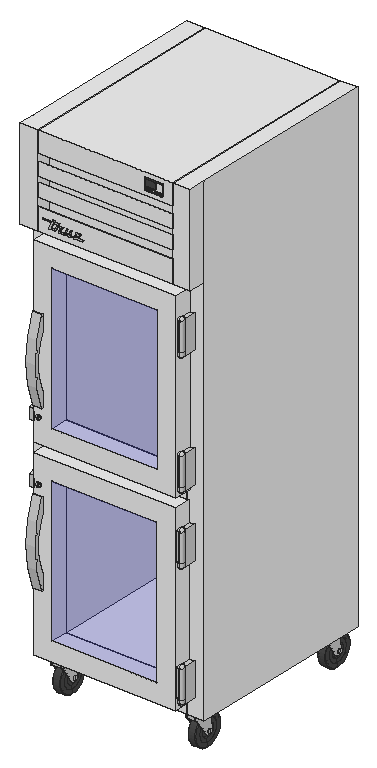
Revit family "QF_TRUE_STR1R-2HG-HC", category Specialty Equipment, Revit 2012
Parameters
  Weight in Pounds = 0
  Watts = Volts * FL Amps  # 437 W
  Volts = 115 V
  URL Cutsheet = "www.truemfg.com"
  URL = "www.truemfg.com"
  Type Mark [instance] = ""
  Type Comments = ""
  Status [instance] = ""
  Specification by User [instance] = ""
  Specification by Manufacturer = ""
  Show Seismic Flanged [instance] = no
  Show Logo [instance] = yes
  Show Legs [instance] = no
  Show Clearance [instance] = yes
  Serial Number = ""
  Seismic Rating = ""
  Seismic Plate [instance] = and(Show Seismic Flanged, not(Show Casters))  # no
  SMACNA No = ""
  Revision Code [instance] = ""
  Phase = 1
  Omniclass Number and Title = ""
  Number of Poles [instance] = 1
  NAFEM Spec ID Number = ""
  Model = "STR1R-2HG-HC"
  Min Ckt Ampacity = 0 A
  Max Overcurrent Protection = 0 A
  Masterspec = ""
  Manufacturer = "TRUE FOOD SERVICE EQUIPMENT, INC."
  Length = 27 1/2"
  Legs [instance] = or(Show Legs, Show Seismic Flanged)  # no
  Item Number [instance] = ""
  Installed By [instance] = ""
  Identify Quantity as Lot [instance] = yes
  Height = 77 3/4"
  HP = "1/4"
  Furnished By [instance] = ""
  Foodservice Equipment Identifier [instance] = yes
  FL Amps = 3.8 A
  Electrical Remarks [instance] = ""
  Electric Connection Type [instance] = ""
  Elec Conn RI Height [instance] = 0"
  Elec Conn Connection Height [instance] = 0"
  Description = "REACH-IN GLASS HALF SWING DOOR REFRIGERATOR WITH HYDROCARBON REFRIGERANT"
  Depth = 33 3/4"
  Cycle = 60 Hz
  Conn Plug = "5-15P"
  Conn Conduit = yes
  Show Casters [instance] = and(not(if(Show Legs, Show Legs, Show Legs)), not(if(Show Legs, Show Legs, Show Seismic Flanged)))  # yes
  CSI MasterFormat = ""
  CSI Master Format = ""
  Apparent Power = if(Phase = 3, Volts * FL Amps * 1.73, Volts * FL Amps)  # 437 VA
Reference planes (in)
  plane 1 "BACK": y = 0
  plane 2: z = 0
  plane 3 "LEFT": x = 0
  plane 4 "RIGHT": x = 27.5
  plane 5 "FRONT": y = -33.75
  plane 6 "TOP": z = 84.125
  plane 7: z = 6.125
  plane 8: x = 2.84375
  plane 9: y = -33.7042
  plane 10: y = -35.21875
Forms (in)
  Extrusion 1, solid, material "QF_Finishes_Chrome - Satin"
    sketch origin (0.05, 0, 0) x (1, 0, 0) y (0, 1, 0)
      loop
        line (-0.05, 0) -> (-0.05, -31) -> (2.87859, -31) -> (2.87859, 0) -> (-0.05, 0)
    from 6.125 to 84.125
  Extrusion 2, solid, material "QF_Finishes_Chrome - Satin"
    sketch origin (50.15, 0, 0) x (1, 0, 0) y (0, 1, 0)
      loop
        line (-25.44375, 0) -> (-25.44375, -31) -> (-22.65, -31) -> (-22.65, 0) -> (-25.44375, 0)
    from 6.125 to 84.125
  Extrusion 3, solid, material "QF_Finishes_Chrome - Satin"
    sketch origin (0, 0, 0) x (0, 1, 0) y (0, 0, 1)
      loop
        line (-33.7042, 69.5) -> (-31, 69.5) -> (-31, 67) -> (-30, 67) -> (-30, 69.5) -> (-2, 69.5) -> (-2, 9.03125) -> (-31, 9.03125) -> (-31, 6.125) -> (0, 6.125) -> (0, 84.125) -> (-33.7042, 84.125) -> (-33.7042, 80.78078) -> (-31.5, 79.21352) -> (-31.5, 78.09125) -> (-33.7042, 79.65851) -> (-33.7042, 77.5248) -> (-31.5, 75.95754) -> (-31.5, 74.99678) -> (-33.7042, 76.56404) -> (-33.7042, 74.46784) -> (-31.5, 72.90057) -> (-31.5, 71.625) -> (-33.7042, 73.19226) -> (-33.7042, 69.5)
      loop
        line (-31, 39.0625) -> (-31, 36.5625) -> (-30, 36.5625) -> (-30, 39.0625) -> (-31, 39.0625)
    from 2.92859 to 24.70625
  Extrusion 4, solid, material "QF_Finishes_Chrome - Satin"
    sketch origin (0, 0, 0) x (1, 0, 0) y (0, 1, 0)
      loop
        line (27.45312, -31) -> (24.70625, -31) -> (24.70625, -33.75) -> (27.45312, -33.75) -> (27.45312, -31)
    from 69.5 to 84.125
  Extrusion 5, solid, material "QF_Finishes_Chrome - Satin"
    sketch origin (-50.125, 0, 0.25) x (1, 0, 0) y (0, 1, 0)
      loop
        line (53.05359, -31) -> (50.17188, -31) -> (50.17188, -33.75) -> (53.05359, -33.75) -> (53.05359, -31)
    from 69.25 to 83.875
  Extrusion 6, solid, material "QF_Finishes_Chrome - Satin"
    sketch origin (-24.96875, 0, -0.71875) x (1, 0, 0) y (0, 0, 1)
      loop
        line (27.15625, 8.75) -> (50.09375, 8.75) -> (50.09375, 37.96875) -> (27.15625, 37.96875) -> (27.15625, 8.75)
      loop
        line (27.15625, 68.6875) -> (27.15625, 39.46875) -> (50.1875, 39.46875) -> (50.1875, 68.6875) -> (27.15625, 68.6875)
      loop
        line (30.15625, 65.6875) -> (30.15625, 42.46875) -> (47.1875, 42.46875) -> (47.1875, 65.6875) -> (30.15625, 65.6875)
      loop
        line (47.09375, 11.75) -> (47.09375, 34.96875) -> (30.15625, 34.96875) -> (30.15625, 11.75) -> (47.09375, 11.75)
    from 31 to 33.75
  Extrusion 7, solid, material "QF_Finishes_Handrails and Railings"
    sketch origin (-8.68981, -0.25, 98.07708) x (0, 1, 0) y (0, 0, 1)
      loop
        line (-33.5, -53.875) -> (-33.5, -51.475)
        arc (-33.5, -51.475) -> (-34.53182, -47.075) -> (-33.5, -42.675) r 9.8974
        line (-33.5, -42.675) -> (-33.5, -40.275) -> (-33.7, -40.275)
        arc (-33.7, -40.275) -> (-34.96887, -47.075) -> (-33.7, -53.875) r 18.85538
        line (-33.7, -53.875) -> (-33.5, -53.875)
    from 10.87731 to 12.37731
  Extrusion 8, solid, material "QF_Finishes_Handrails and Railings"
    sketch origin (-23.375, 0, 2.625) x (1, 0, 0) y (0, 0, 1)
      loop
        circle (26.4375, 40.0625) r 0.35
      loop
        line (26.47265, 40.33635) -> (26.41715, 40.33635) -> (26.41715, 39.76895) -> (26.47265, 39.76895) -> (26.47265, 40.33635)
    from 33.5 to 33.83066
  Extrusion 9, solid, material "QF_Finishes_Handrails and Railings", visible <- "Show Logo"
    sketch origin (0.33478, 1.08173, -6.73143) x (1, 0, 0) y (0, 0, 1)
      loop
        line (3.46044, 78.46231) -> (3.35478, 78.23573) -> (4.76027, 78.23573)
        arc (4.76027, 78.23573) -> (4.78879, 78.18528) -> (4.76027, 78.13484) r 0.05887
        line (4.76027, 78.13484) -> (4.39369, 77.34872)
        arc (4.39369, 77.34872) -> (4.39051, 77.27591) -> (4.43975, 77.22217) r 0.09523
        line (4.43975, 77.22217) -> (5.33844, 77.22217)
        arc (5.33844, 77.22217) -> (5.45192, 77.25795) -> (5.52436, 77.35235) r 0.19785
        line (5.52436, 77.35235) -> (5.81285, 77.97101) -> (6.0779, 77.97101)
        arc (6.0779, 77.97101) -> (6.14744, 77.94543) -> (6.13737, 77.87203) r 0.05911
        line (6.13737, 77.87203) -> (5.89598, 77.35437)
        arc (5.89598, 77.35437) -> (5.89974, 77.2684) -> (5.97231, 77.22217) r 0.09318
        line (5.97231, 77.22217) -> (6.76198, 77.22217)
        arc (6.76198, 77.22217) -> (6.82249, 77.24419) -> (6.85468, 77.29995) r 0.09412
        arc (6.85468, 77.29995) -> (6.87746, 77.24495) -> (6.93246, 77.22217) r 0.07778
        line (6.93246, 77.22217) -> (7.43246, 77.22217)
        arc (7.43246, 77.22217) -> (7.49022, 77.23765) -> (7.53251, 77.27993) r 0.11552
        arc (7.53251, 77.27993) -> (7.55275, 77.23106) -> (7.60162, 77.21081) r 0.06912
        line (7.60162, 77.21081) -> (8.31225, 77.21081)
        arc (8.31225, 77.21081) -> (8.37034, 77.23488) -> (8.39441, 77.29297) r 0.08216
        arc (8.39441, 77.29297) -> (8.44767, 77.23972) -> (8.52042, 77.22022) r 0.14551
        line (8.52042, 77.22022) -> (9.85158, 77.22022) -> (9.99946, 77.47634) -> (8.65678, 77.47634)
        arc (8.65678, 77.47634) -> (8.61972, 77.50204) -> (8.61834, 77.54711) r 0.05009
        line (8.61834, 77.54711) -> (8.64157, 77.59692)
        arc (8.64157, 77.59692) -> (8.67723, 77.64364) -> (8.73327, 77.66135) r 0.09747
        line (8.73327, 77.66135) -> (9.16485, 77.66135)
        arc (9.16485, 77.66135) -> (9.258, 77.68631) -> (9.32619, 77.7545) r 0.1863
        line (9.32619, 77.7545) -> (9.45119, 77.97101)
        arc (9.45119, 77.97101) -> (9.45119, 78.08657) -> (9.35111, 78.14434) r 0.11556
        line (9.35111, 78.14434) -> (8.89562, 78.14434)
        arc (8.89562, 78.14434) -> (8.7795, 78.12462) -> (8.69849, 78.03912) r 0.18605
        line (8.69849, 78.03912) -> (8.48204, 77.57493)
        arc (8.48204, 77.57493) -> (8.41815, 77.49167) -> (8.31806, 77.46011) r 0.1745
        line (8.31806, 77.46011) -> (7.84559, 77.46011)
        arc (7.84559, 77.46011) -> (7.78903, 77.52184) -> (7.79268, 77.60548) r 0.10939
        line (7.79268, 77.60548) -> (8.04395, 78.14434) -> (7.88403, 78.14434) -> (7.61781, 77.57344)
        arc (7.61781, 77.57344) -> (7.56609, 77.50603) -> (7.48505, 77.48048) r 0.14128
        line (7.48505, 77.48048) -> (7.15925, 77.48048)
        arc (7.15925, 77.48048) -> (7.10419, 77.55223) -> (7.116, 77.64189) r 0.11816
        line (7.116, 77.64189) -> (7.3503, 78.14434) -> (7.18514, 78.14434) -> (6.91546, 77.566)
        arc (6.91546, 77.566) -> (6.85285, 77.50339) -> (6.76733, 77.48048) r 0.17104
        line (6.76733, 77.48048) -> (6.29555, 77.48048)
        arc (6.29555, 77.48048) -> (6.21082, 77.51999) -> (6.20267, 77.61313) r 0.0935
        line (6.20267, 77.61313) -> (6.35774, 77.94569) -> (6.57695, 77.94569)
        arc (6.57695, 77.94569) -> (6.61395, 78.05717) -> (6.69267, 78.14434) r 0.2857
        line (6.69267, 78.14434) -> (5.83605, 78.14434)
        arc (5.83605, 78.14434) -> (5.74086, 78.12324) -> (5.67498, 78.05135) r 0.16212
        line (5.67498, 78.05135) -> (5.44279, 77.55341)
        arc (5.44279, 77.55341) -> (5.3894, 77.50002) -> (5.31647, 77.48048) r 0.14586
        line (5.31647, 77.48048) -> (4.80506, 77.48048)
        arc (4.80506, 77.48048) -> (4.76514, 77.53442) -> (4.77274, 77.60109) r 0.09155
        line (4.77274, 77.60109) -> (5.11018, 78.23573) -> (5.96155, 78.23573) -> (6.06721, 78.46231) -> (5.21584, 78.46231) -> (5.32149, 78.68888) -> (5.01862, 78.68888) -> (4.91297, 78.46231) -> (3.46044, 78.46231)
      loop
        arc (8.83805, 77.93863) -> (8.80119, 77.92875) -> (8.7742, 77.90176) r 0.07373
        line (8.7742, 77.90176) -> (8.75229, 77.83436)
        arc (8.75229, 77.83436) -> (8.76245, 77.80983) -> (8.78699, 77.79966) r 0.0347
        line (8.78699, 77.79966) -> (9.15948, 77.79966)
        arc (9.15948, 77.79966) -> (9.18632, 77.80561) -> (9.20812, 77.82234) r 0.0635
        line (9.20812, 77.82234) -> (9.22624, 77.90622)
        arc (9.22624, 77.90622) -> (9.22091, 77.92868) -> (9.20009, 77.93863) r 0.02676
        line (9.20009, 77.93863) -> (8.83805, 77.93863)
    from 34.76797 to 34.83173
  Extrusion 10, solid, material "QF_Finishes_White"
    sketch origin (-23.16691, 1.06376, 1.58022) x (1, 0, 0) y (0, 0, 1)
      loop
        line (43.31732, 81.73227) -> (43.31732, 79.98496) -> (46.22357, 79.98496) -> (46.22357, 81.73227) -> (43.31732, 81.73227)
    from 34.75 to 34.76797
  Extrusion 11, solid, material "QF_Finishes_Black"
    sketch origin (-23.16691, 1.06376, 1.58022) x (1, 0, 0) y (0, 0, 1)
      loop
        line (46.28607, 81.79477) -> (43.25482, 81.79477) -> (43.25482, 79.92246) -> (46.28607, 79.92246) -> (46.28607, 81.79477)
      loop
        spline (43.45482, 80.25372) -> (43.46333, 80.23754) -> (43.48831, 80.22247) -> (43.52804, 80.20952) -> (43.57982, 80.19959) -> (43.64011, 80.19335) -> (43.70482, 80.19122) -> (43.76952, 80.19335) -> (43.82982, 80.19959) -> (43.88159, 80.20952) -> (43.92132, 80.22247) -> (43.9463, 80.23754) -> (43.95482, 80.25372)
        spline (43.95482, 80.25372) -> (43.9463, 80.26989) -> (43.92132, 80.28497) -> (43.88159, 80.29791) -> (43.82982, 80.30784) -> (43.76952, 80.31409) -> (43.70482, 80.31622) -> (43.64011, 80.31409) -> (43.57982, 80.30784) -> (43.52804, 80.29791) -> (43.48831, 80.28497) -> (43.46333, 80.26989) -> (43.45482, 80.25372)
      loop
        spline (44.15083, 80.25372) -> (44.15935, 80.23754) -> (44.18432, 80.22247) -> (44.22405, 80.20952) -> (44.27583, 80.19959) -> (44.33612, 80.19335) -> (44.40083, 80.19122) -> (44.46553, 80.19335) -> (44.52583, 80.19959) -> (44.57761, 80.20952) -> (44.61734, 80.22247) -> (44.64231, 80.23754) -> (44.65083, 80.25372)
        spline (44.65083, 80.25372) -> (44.64231, 80.26989) -> (44.61734, 80.28497) -> (44.57761, 80.29791) -> (44.52583, 80.30784) -> (44.46553, 80.31409) -> (44.40083, 80.31622) -> (44.33612, 80.31409) -> (44.27583, 80.30784) -> (44.22405, 80.29791) -> (44.18432, 80.28497) -> (44.15935, 80.26989) -> (44.15083, 80.25372)
      loop
        spline (44.90083, 80.25372) -> (44.90935, 80.23754) -> (44.93432, 80.22247) -> (44.97405, 80.20952) -> (45.02583, 80.19959) -> (45.08612, 80.19335) -> (45.15083, 80.19122) -> (45.21553, 80.19335) -> (45.27583, 80.19959) -> (45.32761, 80.20952) -> (45.36734, 80.22247) -> (45.39231, 80.23754) -> (45.40083, 80.25372)
        spline (45.40083, 80.25372) -> (45.39231, 80.26989) -> (45.36734, 80.28497) -> (45.32761, 80.29791) -> (45.27583, 80.30784) -> (45.21553, 80.31409) -> (45.15083, 80.31622) -> (45.08612, 80.31409) -> (45.02583, 80.30784) -> (44.97405, 80.29791) -> (44.93432, 80.28497) -> (44.90935, 80.26989) -> (44.90083, 80.25372)
      loop
        line (43.45481, 81.59478) -> (43.45481, 80.59478) -> (45.15433, 80.59478) -> (45.15433, 81.59478) -> (43.45481, 81.59478)
      loop
        line (46.22357, 81.73227) -> (43.31732, 81.73227) -> (43.31732, 79.98496) -> (46.22357, 79.98496) -> (46.22357, 81.73227)
      loop
        spline (45.65083, 80.25372) -> (45.65935, 80.23754) -> (45.68432, 80.22247) -> (45.72405, 80.20952) -> (45.77583, 80.19959) -> (45.83612, 80.19335) -> (45.90083, 80.19122) -> (45.96553, 80.19335) -> (46.02583, 80.19959) -> (46.07761, 80.20952) -> (46.11734, 80.22247) -> (46.14231, 80.23754) -> (46.15083, 80.25372)
        spline (46.15083, 80.25372) -> (46.14231, 80.26989) -> (46.11734, 80.28497) -> (46.07761, 80.29791) -> (46.02583, 80.30784) -> (45.96553, 80.31409) -> (45.90083, 80.31622) -> (45.83612, 80.31409) -> (45.77583, 80.30784) -> (45.72405, 80.29791) -> (45.68432, 80.28497) -> (45.65935, 80.26989) -> (45.65083, 80.25372)
    from 34.76797 to 34.80335
  Extrusion 12, solid
    sketch origin (-25.125, 0, 0) x (1, 0, 0) y (0, 0, 1)
      loop
        circle (49.375, 82) r 0.25
    from 0 to 0.0625
  Blend 13, solid, material "QF_Finishes_Handrails and Railings"
    base sketch origin (27.4375, 0, 4.5) x (-1, 0, 0) y (0, 0, -1)
      loop
        line (25.25, -38.99169) -> (26, -38.99169) -> (26, -37.24169) -> (25.25, -37.24169) -> (25.25, -38.99169)
    top sketch origin (27.4375, 0, 4.5) x (-1, 0, 0) y (0, 0, -1)
      loop
        line (26.18223, -36.6441) -> (25.25, -36.6441) -> (25.25, -39.42643) -> (26.18223, -39.42643) -> (26.18223, -36.6441)
    from 33.57883 to 31
  Extrusion 14, solid, material "QF_Finishes_Handrails and Railings"
    sketch origin (26.1875, 0, 0) x (0, 1, 0) y (0, 0, -1)
      loop
        line (-31, -64.55229) -> (-31, -59.23627) -> (-33.25, -59.23627) -> (-33.25, -59.94848) -> (-32.81497, -59.94848) -> (-32.81497, -64.34776)
        arc (-32.81497, -64.34776) -> (-32.75506, -64.49238) -> (-32.61044, -64.55229) r 0.20453
        line (-32.61044, -64.55229) -> (-31, -64.55229)
    from 0.17506 to 1
  Revolve 15, solid, material "QF_Finishes_Handrails and Railings"
    sketch origin (25.6875, 0, 0) x (0, 1, 0) y (0, 0, -1)
      loop
        line (-33.26563, -60.00189) -> (-33.67229, -60.00189) -> (-33.67229, -64.4736)
        arc (-33.67229, -64.4736) -> (-33.53722, -64.72557) -> (-33.26563, -64.81483) r 0.3848
        line (-33.26563, -64.81483) -> (-33.26563, -60.00189)
      loop
        line (-33.26563, -59.94848) -> (-33.26563, -59.04781)
        arc (-33.26563, -59.04781) -> (-33.53264, -59.13383) -> (-33.67229, -59.37712) r 0.38884
        line (-33.67229, -59.37712) -> (-33.67229, -59.94848) -> (-33.26563, -59.94848)
      axis (-33.26563, -59.04781) -> (-33.26563, -64.81483)
    angle from 0 to 360
  Extrusion 16, solid, material "QF_Finishes_Handrails and Railings"
    sketch origin (27.5, 0, 0) x (-1, 0, 0) y (0, 0, -1)
      loop
        line (1.91491, -64.4736) -> (2.3125, -64.4736) -> (2.3125, -60.00079) -> (1.91491, -60.00079) -> (1.91491, -64.4736)
    from 32.81497 to 33.59495
  Extrusion 17, solid, material "QF_Finishes_Handrails and Railings"
    sketch origin (26.1875, 0, -19.5) x (0, 1, 0) y (0, 0, -1)
      loop
        line (-31, -64.55229) -> (-31, -59.23627) -> (-33.25, -59.23627) -> (-33.25, -59.94848) -> (-32.81497, -59.94848) -> (-32.81497, -64.34776)
        arc (-32.81497, -64.34776) -> (-32.75506, -64.49238) -> (-32.61044, -64.55229) r 0.20453
        line (-32.61044, -64.55229) -> (-31, -64.55229)
    from 0.17506 to 1
  Revolve 18, solid, material "QF_Finishes_Handrails and Railings"
    sketch origin (25.6875, 0, -19.5) x (0, 1, 0) y (0, 0, -1)
      loop
        line (-33.26563, -60.00189) -> (-33.67229, -60.00189) -> (-33.67229, -64.4736)
        arc (-33.67229, -64.4736) -> (-33.53722, -64.72557) -> (-33.26563, -64.81483) r 0.3848
        line (-33.26563, -64.81483) -> (-33.26563, -60.00189)
      loop
        line (-33.26563, -59.94848) -> (-33.26563, -59.04781)
        arc (-33.26563, -59.04781) -> (-33.53264, -59.13383) -> (-33.67229, -59.37712) r 0.38884
        line (-33.67229, -59.37712) -> (-33.67229, -59.94848) -> (-33.26563, -59.94848)
      axis (-33.26563, -59.04781) -> (-33.26563, -64.81483)
    angle from 0 to 360
  Extrusion 19, solid, material "QF_Finishes_Handrails and Railings"
    sketch origin (27.5, 0, -19.5) x (-1, 0, 0) y (0, 0, -1)
      loop
        line (1.91491, -64.4736) -> (2.3125, -64.4736) -> (2.3125, -60.00079) -> (1.91491, -60.00079) -> (1.91491, -64.4736)
    from 32.81497 to 33.59495
  Extrusion 20, solid, material "QF_Finishes_Handrails and Railings"
    sketch origin (26.1875, 0, -30.5) x (0, 1, 0) y (0, 0, -1)
      loop
        line (-31, -64.55229) -> (-31, -59.23627) -> (-33.25, -59.23627) -> (-33.25, -59.94848) -> (-32.81497, -59.94848) -> (-32.81497, -64.34776)
        arc (-32.81497, -64.34776) -> (-32.75506, -64.49238) -> (-32.61044, -64.55229) r 0.20453
        line (-32.61044, -64.55229) -> (-31, -64.55229)
    from 0.17506 to 1
  Revolve 21, solid, material "QF_Finishes_Handrails and Railings"
    sketch origin (25.6875, 0, -30.5) x (0, 1, 0) y (0, 0, -1)
      loop
        line (-33.26563, -60.00189) -> (-33.67229, -60.00189) -> (-33.67229, -64.4736)
        arc (-33.67229, -64.4736) -> (-33.53722, -64.72557) -> (-33.26563, -64.81483) r 0.3848
        line (-33.26563, -64.81483) -> (-33.26563, -60.00189)
      loop
        line (-33.26563, -59.94848) -> (-33.26563, -59.04781)
        arc (-33.26563, -59.04781) -> (-33.53264, -59.13383) -> (-33.67229, -59.37712) r 0.38884
        line (-33.67229, -59.37712) -> (-33.67229, -59.94848) -> (-33.26563, -59.94848)
      axis (-33.26563, -59.04781) -> (-33.26563, -64.81483)
    angle from 0 to 360
  Extrusion 22, solid, material "QF_Finishes_Handrails and Railings"
    sketch origin (27.5, 0, -30.5) x (-1, 0, 0) y (0, 0, -1)
      loop
        line (1.91491, -64.4736) -> (2.3125, -64.4736) -> (2.3125, -60.00079) -> (1.91491, -60.00079) -> (1.91491, -64.4736)
    from 32.81497 to 33.59495
  Extrusion 23, solid, material "QF_Finishes_Handrails and Railings"
    sketch origin (26.1875, 0, -50.25) x (0, 1, 0) y (0, 0, -1)
      loop
        line (-31, -64.55229) -> (-31, -59.23627) -> (-33.25, -59.23627) -> (-33.25, -59.94848) -> (-32.81497, -59.94848) -> (-32.81497, -64.34776)
        arc (-32.81497, -64.34776) -> (-32.75506, -64.49238) -> (-32.61044, -64.55229) r 0.20453
        line (-32.61044, -64.55229) -> (-31, -64.55229)
    from 0.17506 to 1
  Revolve 24, solid, material "QF_Finishes_Handrails and Railings"
    sketch origin (25.6875, 0, -50.25) x (0, 1, 0) y (0, 0, -1)
      loop
        line (-33.26563, -60.00189) -> (-33.67229, -60.00189) -> (-33.67229, -64.4736)
        arc (-33.67229, -64.4736) -> (-33.53722, -64.72557) -> (-33.26563, -64.81483) r 0.3848
        line (-33.26563, -64.81483) -> (-33.26563, -60.00189)
      loop
        line (-33.26563, -59.94848) -> (-33.26563, -59.04781)
        arc (-33.26563, -59.04781) -> (-33.53264, -59.13383) -> (-33.67229, -59.37712) r 0.38884
        line (-33.67229, -59.37712) -> (-33.67229, -59.94848) -> (-33.26563, -59.94848)
      axis (-33.26563, -59.04781) -> (-33.26563, -64.81483)
    angle from 0 to 360
  Extrusion 25, solid, material "QF_Finishes_Handrails and Railings"
    sketch origin (27.5, 0, -50.25) x (-1, 0, 0) y (0, 0, -1)
      loop
        line (1.91491, -64.4736) -> (2.3125, -64.4736) -> (2.3125, -60.00079) -> (1.91491, -60.00079) -> (1.91491, -64.4736)
    from 32.81497 to 33.59495
  Revolve 26, solid, material "QF_Finishes_Black", visible <- "Show Casters"
    sketch origin (22.65625, -27.375, 0) x (1, 0, 0) y (0, 0, 1)
      loop
        line (1.475, 5) -> (1.375, 4.9) -> (1.375, 4.29941) -> (1.53601, 4.29941) -> (1.53601, 3.54941) -> (1.375, 3.54941) -> (1.375, 2.79941) -> (0.975, 2.79941) -> (0.975, 2.5) -> (3.025, 2.5) -> (3.025, 2.79941) -> (2.62908, 2.79941) -> (2.62908, 3.54941) -> (2.46399, 3.54941) -> (2.46399, 4.29941) -> (2.62908, 4.29941) -> (2.62908, 4.89592) -> (2.525, 5) -> (1.475, 5)
      axis (3.025, 2.5) -> (0.975, 2.5)
    angle from 0 to 360
  Extrusion 27, solid, material "QF_Finishes_Handrails and Railings", visible <- "Show Casters"
    sketch origin (22.5625, 0, 0) x (0, 1, 0) y (0, 0, 1)
      loop
        line (-29.95136, 5.48574) -> (-29.95136, 4.88089) -> (-29.70136, 4.88089) -> (-27.95216, 2.18736)
        arc (-27.95216, 2.18736) -> (-27.23883, 1.94868) -> (-26.84581, 2.59003) r 0.60416
        line (-26.84581, 2.59003) -> (-27.20136, 5.48574) -> (-29.95136, 5.48574)
      loop
        line (-3.8577, 5.48574) -> (-3.8577, 4.88089) -> (-3.6077, 4.88089) -> (-1.8585, 2.18736)
        arc (-1.8585, 2.18736) -> (-1.14517, 1.94868) -> (-0.75215, 2.59003) r 0.60416
        line (-0.75215, 2.59003) -> (-1.1077, 5.48574) -> (-3.8577, 5.48574)
    from 1.175 to 1.325
  Extrusion 28, solid, material "QF_Finishes_Handrails and Railings", visible <- "Show Casters"
    sketch origin (24.0625, 0, 0) x (0, 1, 0) y (0, 0, 1)
      loop
        line (-29.95136, 5.48574) -> (-29.95136, 4.88089) -> (-29.70136, 4.88089) -> (-27.95216, 2.18736)
        arc (-27.95216, 2.18736) -> (-27.23883, 1.94868) -> (-26.84581, 2.59003) r 0.60416
        line (-26.84581, 2.59003) -> (-27.20136, 5.48574) -> (-29.95136, 5.48574)
      loop
        line (-3.8577, 5.48574) -> (-3.8577, 4.88089) -> (-3.6077, 4.88089) -> (-1.8585, 2.18736)
        arc (-1.8585, 2.18736) -> (-1.14517, 1.94868) -> (-0.75215, 2.59003) r 0.60416
        line (-0.75215, 2.59003) -> (-1.1077, 5.48574) -> (-3.8577, 5.48574)
    from 1.175 to 1.325
  Revolve 29, solid, material "QF_Finishes_Chrome - Satin", visible <- "Show Casters"
    sketch origin (22.65625, -28.5625, -0.5) x (1, 0, 0) y (0, 0, 1)
      loop
        line (2, 5.99546) -> (2, 6.62359) -> (0.70293, 6.62359) -> (0.70293, 5.99546) -> (2, 5.99546)
      axis (2, 5.99546) -> (2, 6.62359)
    angle from 0 to 360
  Revolve 30, solid, material "QF_Finishes_Chrome - Satin", visible <- "Legs"
    sketch origin (22.65625, -2.69102, 0) x (1, 0, 0) y (0, 0, 1)
      loop
        line (2, 6.125) -> (0.66662, 6.125) -> (1.25, 1) -> (1.5, 1) -> (1.5, 0) -> (2, 0) -> (2, 6.125)
      axis (2, 0) -> (2, 6.125)
    angle from 0 to 360
  Revolve 31, solid, material "QF_Finishes_Chrome - Satin", visible <- "Legs"
    sketch origin (22.65625, -28.65977, 0) x (1, 0, 0) y (0, 0, 1)
      loop
        line (2, 6.125) -> (0.66662, 6.125) -> (1.25, 1) -> (1.5, 1) -> (1.5, 0) -> (2, 0) -> (2, 6.125)
      axis (2, 0) -> (2, 6.125)
    angle from 0 to 360
  Revolve 32, solid, material "QF_Finishes_Chrome - Satin", visible <- "Show Casters"
    sketch origin (22.65625, -2.70321, -0.5) x (1, 0, 0) y (0, 0, 1)
      loop
        line (2, 5.99546) -> (2, 6.62359) -> (0.70293, 6.62359) -> (0.70293, 5.99546) -> (2, 5.99546)
      axis (2, 5.99546) -> (2, 6.62359)
    angle from 0 to 360
  Extrusion 33, solid, material "QF_Finishes_Handrails and Railings", visible <- "Show Casters"
    sketch origin (-25.21875, 0, 0) x (0, 1, 0) y (0, 0, 1)
      loop
        line (-29.95136, 5.48574) -> (-29.95136, 4.88089) -> (-29.70136, 4.88089) -> (-27.16533, 5.19227) -> (-27.20136, 5.48574) -> (-29.95136, 5.48574)
      loop
        line (-3.8577, 5.48574) -> (-3.8577, 4.88089) -> (-3.6077, 4.88089) -> (-1.07167, 5.19227) -> (-1.1077, 5.48574) -> (-3.8577, 5.48574)
    from 49.10625 to 50.45625
  Revolve 34, solid, material "QF_Finishes_Black", visible <- "Show Casters"
    sketch origin (22.65625, -1.21875, 0) x (1, 0, 0) y (0, 0, 1)
      loop
        line (1.475, 5) -> (1.375, 4.9) -> (1.375, 4.29941) -> (1.53601, 4.29941) -> (1.53601, 3.54941) -> (1.375, 3.54941) -> (1.375, 2.79941) -> (0.975, 2.79941) -> (0.975, 2.5) -> (3.025, 2.5) -> (3.025, 2.79941) -> (2.62908, 2.79941) -> (2.62908, 3.54941) -> (2.46399, 3.54941) -> (2.46399, 4.29941) -> (2.62908, 4.29941) -> (2.62908, 4.89592) -> (2.525, 5) -> (1.475, 5)
      axis (3.025, 2.5) -> (0.975, 2.5)
    angle from 0 to 360
  Revolve 35, solid, material "QF_Finishes_Black", visible <- "Show Casters"
    sketch origin (0.84375, -27.375, 0) x (1, 0, 0) y (0, 0, 1)
      loop
        line (1.475, 5) -> (1.375, 4.9) -> (1.375, 4.29941) -> (1.53601, 4.29941) -> (1.53601, 3.54941) -> (1.375, 3.54941) -> (1.375, 2.79941) -> (0.975, 2.79941) -> (0.975, 2.5) -> (3.025, 2.5) -> (3.025, 2.79941) -> (2.62908, 2.79941) -> (2.62908, 3.54941) -> (2.46399, 3.54941) -> (2.46399, 4.29941) -> (2.62908, 4.29941) -> (2.62908, 4.89592) -> (2.525, 5) -> (1.475, 5)
      axis (3.025, 2.5) -> (0.975, 2.5)
    angle from 0 to 360
  Extrusion 36, solid, material "QF_Finishes_Handrails and Railings", visible <- "Show Casters"
    sketch origin (0.84375, 0, 0) x (0, 1, 0) y (0, 0, 1)
      loop
        line (-29.95136, 5.48574) -> (-29.95136, 4.88089) -> (-29.70136, 4.88089) -> (-27.95216, 2.18736)
        arc (-27.95216, 2.18736) -> (-27.23883, 1.94868) -> (-26.84581, 2.59003) r 0.60416
        line (-26.84581, 2.59003) -> (-27.20136, 5.48574) -> (-29.95136, 5.48574)
      loop
        line (-3.8577, 5.48574) -> (-3.8577, 4.88089) -> (-3.6077, 4.88089) -> (-1.8585, 2.18736)
        arc (-1.8585, 2.18736) -> (-1.14517, 1.94868) -> (-0.75215, 2.59003) r 0.60416
        line (-0.75215, 2.59003) -> (-1.1077, 5.48574) -> (-3.8577, 5.48574)
    from 1.175 to 1.325
  Extrusion 37, solid, material "QF_Finishes_Handrails and Railings", visible <- "Show Casters"
    sketch origin (2.34375, 0, 0) x (0, 1, 0) y (0, 0, 1)
      loop
        line (-29.95136, 5.48574) -> (-29.95136, 4.88089) -> (-29.70136, 4.88089) -> (-27.95216, 2.18736)
        arc (-27.95216, 2.18736) -> (-27.23883, 1.94868) -> (-26.84581, 2.59003) r 0.60416
        line (-26.84581, 2.59003) -> (-27.20136, 5.48574) -> (-29.95136, 5.48574)
      loop
        line (-3.8577, 5.48574) -> (-3.8577, 4.88089) -> (-3.6077, 4.88089) -> (-1.8585, 2.18736)
        arc (-1.8585, 2.18736) -> (-1.14517, 1.94868) -> (-0.75215, 2.59003) r 0.60416
        line (-0.75215, 2.59003) -> (-1.1077, 5.48574) -> (-3.8577, 5.48574)
    from 1.175 to 1.325
  Revolve 38, solid, material "QF_Finishes_Chrome - Satin", visible <- "Show Casters"
    sketch origin (0.84375, -28.5625, -0.5) x (1, 0, 0) y (0, 0, 1)
      loop
        line (2, 5.99546) -> (2, 6.62359) -> (0.70293, 6.62359) -> (0.70293, 5.99546) -> (2, 5.99546)
      axis (2, 5.99546) -> (2, 6.62359)
    angle from 0 to 360
  Revolve 39, solid, material "QF_Finishes_Chrome - Satin", visible <- "Legs"
    sketch origin (0.84375, -2.69102, 0) x (1, 0, 0) y (0, 0, 1)
      loop
        line (2, 6.125) -> (0.66662, 6.125) -> (1.25, 1) -> (1.5, 1) -> (1.5, 0) -> (2, 0) -> (2, 6.125)
      axis (2, 0) -> (2, 6.125)
    angle from 0 to 360
  Revolve 40, solid, material "QF_Finishes_Chrome - Satin", visible <- "Legs"
    sketch origin (0.84375, -28.65977, 0) x (1, 0, 0) y (0, 0, 1)
      loop
        line (2, 6.125) -> (0.66662, 6.125) -> (1.25, 1) -> (1.5, 1) -> (1.5, 0) -> (2, 0) -> (2, 6.125)
      axis (2, 0) -> (2, 6.125)
    angle from 0 to 360
  Revolve 41, solid, material "QF_Finishes_Chrome - Satin", visible <- "Show Casters"
    sketch origin (0.84375, -2.70321, -0.5) x (1, 0, 0) y (0, 0, 1)
      loop
        line (2, 5.99546) -> (2, 6.62359) -> (0.70293, 6.62359) -> (0.70293, 5.99546) -> (2, 5.99546)
      axis (2, 5.99546) -> (2, 6.62359)
    angle from 0 to 360
  Extrusion 42, solid, material "QF_Finishes_Handrails and Railings", visible <- "Show Casters"
    sketch origin (-46.9375, 0, 0) x (0, 1, 0) y (0, 0, 1)
      loop
        line (-29.95136, 5.48574) -> (-29.95136, 4.88089) -> (-29.70136, 4.88089) -> (-27.16533, 5.19227) -> (-27.20136, 5.48574) -> (-29.95136, 5.48574)
      loop
        line (-3.8577, 5.48574) -> (-3.8577, 4.88089) -> (-3.6077, 4.88089) -> (-1.07167, 5.19227) -> (-1.1077, 5.48574) -> (-3.8577, 5.48574)
    from 49.10625 to 50.45625
  Revolve 43, solid, material "QF_Finishes_Black", visible <- "Show Casters"
    sketch origin (0.84375, -1.21875, 0) x (1, 0, 0) y (0, 0, 1)
      loop
        line (1.475, 5) -> (1.375, 4.9) -> (1.375, 4.29941) -> (1.53601, 4.29941) -> (1.53601, 3.54941) -> (1.375, 3.54941) -> (1.375, 2.79941) -> (0.975, 2.79941) -> (0.975, 2.5) -> (3.025, 2.5) -> (3.025, 2.79941) -> (2.62908, 2.79941) -> (2.62908, 3.54941) -> (2.46399, 3.54941) -> (2.46399, 4.29941) -> (2.62908, 4.29941) -> (2.62908, 4.89592) -> (2.525, 5) -> (1.475, 5)
      axis (3.025, 2.5) -> (0.975, 2.5)
    angle from 0 to 360
  Extrusion 44, solid, material "QF_Door-Drawer Clearances", visible <- "Show Clearance", detail levels coarse
    sketch origin (26.33466, -3.6098, 0) x (1, 0, 0) y (0, 1, 0)
      loop
        line (-1.17841, -30.1402) -> (-24.14716, -30.1402)
        arc (-24.14716, -30.1402) -> (-17.41977, -46.38156) -> (-1.17841, -53.10895) r 22.96875
        line (-1.17841, -53.10895) -> (-1.17841, -30.1402)
    from 38.75 to 67.96875
  Extrusion 45, solid, material "Glass"
    sketch origin (-24.96875, 0, -0.71875) x (1, 0, 0) y (0, 0, 1)
      loop
        line (30.15625, 34.96875) -> (30.15625, 11.75) -> (47.09375, 11.75) -> (47.09375, 34.96875) -> (30.15625, 34.96875)
      loop
        line (30.15625, 65.6875) -> (30.15625, 42.46875) -> (47.1875, 42.46875) -> (47.1875, 65.6875) -> (30.15625, 65.6875)
    from 31 to 33.75
  Extrusion 46, solid, material "QF_Finishes_Chrome - Satin", visible <- "Seismic Plate"
    sketch origin (-0.22541, -26.96562, 0) x (1, 0, 0) y (0, 1, 0)
      loop
        circle (3.06916, -1.69416) r 1.5
    from 0 to 0.25
  Extrusion 47, solid, material "QF_Finishes_Chrome - Satin", visible <- "Seismic Plate"
    sketch origin (-0.22541, -0.99687, 0) x (1, 0, 0) y (0, 1, 0)
      loop
        circle (3.06916, -1.69416) r 1.5
    from 0 to 0.25
  Extrusion 48, solid, material "QF_Finishes_Chrome - Satin", visible <- "Seismic Plate"
    sketch origin (21.49334, -0.99687, 0) x (1, 0, 0) y (0, 1, 0)
      loop
        circle (3.16291, -1.69416) r 1.5
    from 0 to 0.25
  Extrusion 49, solid, material "QF_Finishes_Chrome - Satin", visible <- "Seismic Plate"
    sketch origin (21.49334, -26.96562, 0) x (1, 0, 0) y (0, 1, 0)
      loop
        circle (3.16291, -1.69416) r 1.5
    from 0 to 0.25
  Extrusion 50, solid, material "QF_Door-Drawer Clearances", visible <- "Show Clearance", detail levels coarse
    sketch origin (26.33466, -3.6098, -30.71875) x (1, 0, 0) y (0, 1, 0)
      loop
        line (-1.17841, -30.1402) -> (-24.14716, -30.1402)
        arc (-24.14716, -30.1402) -> (-17.41977, -46.38156) -> (-1.17841, -53.10895) r 22.96875
        line (-1.17841, -53.10895) -> (-1.17841, -30.1402)
    from 38.75 to 67.96875
  Extrusion 51, solid, material "QF_Finishes_Handrails and Railings"
    sketch origin (-8.68981, -0.25, -22.45208) x (0, 1, 0) y (0, 0, 1)
      loop
        line (-33.5, 53.875) -> (-33.7, 53.875)
        arc (-33.7, 53.875) -> (-34.96887, 47.075) -> (-33.7, 40.275) r 18.85538
        line (-33.7, 40.275) -> (-33.5, 40.275) -> (-33.5, 42.675)
        arc (-33.5, 42.675) -> (-34.53182, 47.075) -> (-33.5, 51.475) r 9.8974
        line (-33.5, 51.475) -> (-33.5, 53.875)
    from 10.87731 to 12.37731
  Extrusion 52, solid, material "QF_Finishes_Handrails and Railings"
    sketch origin (-23.375, 0, 73) x (1, 0, 0) y (0, 0, 1)
      loop
        circle (26.4375, -40.0625) r 0.35
      loop
        line (26.47265, -40.33635) -> (26.47265, -39.76895) -> (26.41715, -39.76895) -> (26.41715, -40.33635) -> (26.47265, -40.33635)
    from 33.5 to 33.83066
  Blend 53, solid, material "QF_Finishes_Handrails and Railings"
    base sketch origin (27.4375, 0, 71.125) x (-1, 0, 0) y (0, 0, -1)
      loop
        line (25.25, 38.99169) -> (25.25, 37.24169) -> (26, 37.24169) -> (26, 38.99169) -> (25.25, 38.99169)
    top sketch origin (27.4375, 0, 71.125) x (-1, 0, 0) y (0, 0, -1)
      loop
        line (26.18223, 36.6441) -> (26.18223, 39.42643) -> (25.25, 39.42643) -> (25.25, 36.6441) -> (26.18223, 36.6441)
    from 33.57883 to 31
Cuts and joins
  joined: Extrusion 1, Extrusion 2, Extrusion 4, Extrusion 5
Lines and regions (in)
  symbolic lines
    curve 1: line (0, 0, 0) -> (27.5, 0, 0)
    curve 2: line (0, -33.75, 0) -> (0, 0, 0)
    curve 3: line (27.5, -33.75, 0) -> (0, -33.75, 0)
    curve 4: line (27.5, 0, 0) -> (27.5, -33.75, 0)
    curve 5: line (27.5, -31.5, 0) -> (0, -31.5, 0)
    curve 24: line (3.6875, -35.21875, 0) -> (3.6875, -33.75, 0)
    curve 25: line (2.1875, -35.21875, 0) -> (2.1875, -33.75, 0)
    curve 26: line (2.1875, -33.95, 0) -> (3.6875, -33.95, 0)
    curve 27: line (3.6875, -35.21875, 0) -> (2.1875, -35.21875, 0)
  symbolic lines, style "SpecialityEquipmentHiddenLines", visible <- "Show Casters"
    curve 6: line (3.82597, -24.4208, 0) -> (5.12501, -25.1708, 0)
    curve 7: line (1.20097, -28.96743, 0) -> (3.82597, -24.4208, 0)
    curve 8: line (2.50001, -29.71743, 0) -> (1.20097, -28.96743, 0)
    curve 9: line (5.12501, -25.1708, 0) -> (2.50001, -29.71743, 0)
    curve 10: line (3.82597, -0.4208, 0) -> (5.12501, -1.1708, 0)
    curve 11: line (1.20097, -4.96743, 0) -> (3.82597, -0.4208, 0)
    curve 12: line (2.50001, -5.71743, 0) -> (1.20097, -4.96743, 0)
    curve 13: line (5.12501, -1.1708, 0) -> (2.50001, -5.71743, 0)
    curve 14: line (24.73343, -0.4208, 0) -> (26.03247, -1.1708, 0)
    curve 15: line (22.10843, -4.96743, 0) -> (24.73343, -0.4208, 0)
    curve 16: line (23.40747, -5.71743, 0) -> (22.10843, -4.96743, 0)
    curve 17: line (26.03247, -1.1708, 0) -> (23.40747, -5.71743, 0)
    curve 18: line (24.82718, -24.52487, 0) -> (26.12622, -25.27487, 0)
    curve 19: line (22.20218, -29.07151, 0) -> (24.82718, -24.52487, 0)
    curve 20: line (23.50122, -29.82151, 0) -> (22.20218, -29.07151, 0)
    curve 21: line (26.12622, -25.27487, 0) -> (23.50122, -29.82151, 0)
  symbolic lines, style "QF_Door-Drawer Clearances"
    curve 22: line (25.15625, -33.75, 0) -> (5.26473, -45.23438, 0)
    curve 23: arc (5.26473, -45.23438, 0) -> (2.97014, -39.69475, 0) -> (2.1875, -33.75, 0) r 22.96875
Dimensions and locks (in)
  "Depth": plane 5 "FRONT" to plane 1 "BACK"
  plane 7 to level = 6 1/8"
  plane 6 "TOP" to level = 84 1/8"
  plane 6 "TOP" to plane 7 = 78"
  plane 6 "TOP" to cut or joined group of Extrusion 1, Extrusion 2, Extrusion 4, Extrusion 5 = 14 5/8"
  Extrusion 6 sketch curve to Extrusion 6 sketch curve = 22 15/16"
  Extrusion 6 to plane 1 "BACK" = 33 3/4"
  "Length": plane 3 "LEFT" to plane 4 "RIGHT"
  plane 4 "RIGHT" to plane 3 "LEFT" = 27 1/2"
  cut or joined group of Extrusion 1, Extrusion 2, Extrusion 4, Extrusion 5 to cut or joined group of Extrusion 1, Extrusion 2, Extrusion 4, Extrusion 5 = 27 13/32"
  locked: Extrusion 6 sketch curve to Extrusion 6 sketch curve at 3  (x2)
  Extrusion 6 to Extrusion 6 = 22 15/16"
  plane 1 "BACK" to plane 10 = 35 7/32"
  aligned and locked: level to plane 2
Automatic sketch dimensions
  Extrusion 1 sketch curve to plane 3 "LEFT" = 0"
  plane 1 "BACK" to Extrusion 1 sketch curve = 0"
  plane 8 to Extrusion 1 sketch curve = 0.08484"
  Extrusion 1 sketch curve to plane 5 "FRONT" = 2 3/4"
  plane 1 "BACK" to Extrusion 2 sketch curve = 0"
  Extrusion 2 sketch curve to plane 4 "RIGHT" = 0"
  Extrusion 2 sketch curve to plane 4 "RIGHT" = 2.79375"
  Extrusion 2 sketch curve to plane 5 "FRONT" = 2 3/4"
  plane 5 "FRONT" to Extrusion 4 sketch curve = 0"
  Extrusion 4 sketch curve to plane 4 "RIGHT" = 2.79375"
  Extrusion 4 sketch curve to plane 4 "RIGHT" = 3/64"
  Extrusion 4 sketch curve to plane 5 "FRONT" = 2 3/4"
  plane 5 "FRONT" to Extrusion 5 sketch curve = 0"
  plane 3 "LEFT" to Extrusion 5 sketch curve = 3/64"
  plane 8 to Extrusion 5 sketch curve = 0.08484"
  Extrusion 5 sketch curve to plane 5 "FRONT" = 2 3/4"
  Extrusion 6 sketch curve to plane 8 = 21/32"  (x2)
  Extrusion 6 sketch curve to Extrusion 6 sketch curve = 3"  (x5)
  Extrusion 6 sketch curve to plane 4 "RIGHT" = 5 9/32"
  Extrusion 6 sketch curve to plane 4 "RIGHT" = 2 9/32"
  plane 7 to Extrusion 6 sketch curve = 1 29/32"
  Extrusion 6 sketch curve to Extrusion 6 sketch curve = 23 7/32"
  Extrusion 6 sketch curve to Extrusion 6 sketch curve = 1 1/2"
  Extrusion 6 sketch curve to plane 6 "TOP" = 19 5/32"
  plane 8 to Extrusion 8 sketch curve = 0.1984"
  plane 8 to Extrusion 8 sketch curve = 7/32"
  Extrusion 8 sketch curve to Extrusion 8 sketch curve = 0.0555"
  plane 7 to Extrusion 8 sketch curve = 36.26895"
  Extrusion 8 sketch curve to Extrusion 8 sketch curve = 0.29355"
  Extrusion 8 sketch curve to Extrusion 8 sketch curve = 0.27385"
  plane 8 to Extrusion 9 sketch curve = 0.84582"
  Extrusion 9 sketch curve to Extrusion 9 sketch curve = 0.10565"  (x5)
  Extrusion 9 sketch curve to Extrusion 9 sketch curve = 1.03891"
  Extrusion 9 sketch curve to Extrusion 9 sketch curve = 0.04606"
  Extrusion 9 sketch curve to Extrusion 9 sketch curve = 0.04025"
  Extrusion 9 sketch curve to Extrusion 9 sketch curve = 0.33624"
  Extrusion 9 sketch curve to Extrusion 9 sketch curve = 0.03034"  (x2)
  Extrusion 9 sketch curve to Extrusion 9 sketch curve = 0.29274"
  Extrusion 9 sketch curve to Extrusion 9 sketch curve = 0.03232"
  Extrusion 9 sketch curve to Extrusion 9 sketch curve = 0.08083"
  Extrusion 9 sketch curve to Extrusion 9 sketch curve = 0.1527"
  Extrusion 9 sketch curve to Extrusion 9 sketch curve = 0.19721"
  Extrusion 9 sketch curve to Extrusion 9 sketch curve = 0.4629"
  Extrusion 9 sketch curve to Extrusion 9 sketch curve = 0.02197"
  Extrusion 9 sketch curve to Extrusion 9 sketch curve = 0.12632"
  Extrusion 9 sketch curve to Extrusion 9 sketch curve = 0.18591"
  Extrusion 9 sketch curve to Extrusion 9 sketch curve = 0.2322"
  Extrusion 9 sketch curve to Extrusion 9 sketch curve = 0.13786"
  Extrusion 9 sketch curve to Extrusion 9 sketch curve = 0.00907"
  Extrusion 9 sketch curve to Extrusion 9 sketch curve = 0.01413"
  Extrusion 9 sketch curve to Extrusion 9 sketch curve = 0.37162"
  Extrusion 9 sketch curve to Extrusion 9 sketch curve = 0.12551"
  Extrusion 9 sketch curve to Extrusion 9 sketch curve = 0.07633"
  Extrusion 9 sketch curve to Extrusion 9 sketch curve = 0.08445"
  Extrusion 9 sketch curve to Extrusion 9 sketch curve = 0.25598"
  Extrusion 9 sketch curve to Extrusion 9 sketch curve = 0.01887"
  Extrusion 9 sketch curve to Extrusion 9 sketch curve = 0.04061"
  Extrusion 9 sketch curve to Extrusion 9 sketch curve = 0.0653"
  Extrusion 9 sketch curve to Extrusion 9 sketch curve = 0.08474"
  Extrusion 9 sketch curve to Extrusion 9 sketch curve = 0.00815"
  Extrusion 9 sketch curve to Extrusion 9 sketch curve = 0.22037"
  Extrusion 9 sketch curve to Extrusion 9 sketch curve = 0.21921"
  Extrusion 9 sketch curve to Extrusion 9 sketch curve = 0.11572"
  Extrusion 9 sketch curve to Extrusion 9 sketch curve = 0.46643"
  Extrusion 9 sketch curve to Extrusion 9 sketch curve = 0.00535"
  Extrusion 9 sketch curve to Extrusion 9 sketch curve = 0.09269"
  Extrusion 9 sketch curve to Extrusion 9 sketch curve = 0.09348"
  Extrusion 9 sketch curve to Extrusion 9 sketch curve = 0.14812"
  Extrusion 9 sketch curve to Extrusion 9 sketch curve = 0.07778"  (x3)
  Extrusion 9 sketch curve to Extrusion 9 sketch curve = 0.20054"
  Extrusion 9 sketch curve to Extrusion 9 sketch curve = 0.04325"
  Extrusion 9 sketch curve to Extrusion 9 sketch curve = 0.32433"
  Extrusion 9 sketch curve to Extrusion 9 sketch curve = 0.10233"  (x2)
  Extrusion 9 sketch curve to Extrusion 9 sketch curve = 0.16515"
  Extrusion 9 sketch curve to Extrusion 9 sketch curve = 0.27321"
  Extrusion 9 sketch curve to Extrusion 9 sketch curve = 0.0526"
  Extrusion 9 sketch curve to Extrusion 9 sketch curve = 0.10005"
  Extrusion 9 sketch curve to Extrusion 9 sketch curve = 0.06912"
  Extrusion 9 sketch curve to Extrusion 9 sketch curve = 0.13276"
  Extrusion 9 sketch curve to Extrusion 9 sketch curve = 0.17486"
  Extrusion 9 sketch curve to Extrusion 9 sketch curve = 0.05291"
  Extrusion 9 sketch curve to Extrusion 9 sketch curve = 0.53374"
  Extrusion 9 sketch curve to Extrusion 9 sketch curve = 0.09914"  (x2)
  Extrusion 9 sketch curve to Extrusion 9 sketch curve = 0.15992"
  Extrusion 9 sketch curve to Extrusion 9 sketch curve = 0.46666"
  Extrusion 9 sketch curve to Extrusion 9 sketch curve = 0.00582"
  Extrusion 9 sketch curve to Extrusion 9 sketch curve = 0.08216"
  Extrusion 9 sketch curve to Extrusion 9 sketch curve = 0.16397"
  Extrusion 9 sketch curve to Extrusion 9 sketch curve = 0.12601"
  Extrusion 9 sketch curve to Extrusion 9 sketch curve = 0.1363"
  Extrusion 9 sketch curve to Extrusion 9 sketch curve = 0.02323"
  Extrusion 9 sketch curve to Extrusion 9 sketch curve = 0.03844"
  Extrusion 9 sketch curve to Extrusion 9 sketch curve = 0.0454"
  Extrusion 9 sketch curve to Extrusion 9 sketch curve = 0.05693"
  Extrusion 9 sketch curve to Extrusion 9 sketch curve = 0.0917"
  Extrusion 9 sketch curve to Extrusion 9 sketch curve = 0.01902"
  Extrusion 9 sketch curve to Extrusion 9 sketch curve = 0.02191"
  Extrusion 9 sketch curve to Extrusion 9 sketch curve = 0.0347"
  Extrusion 9 sketch curve to Extrusion 9 sketch curve = 0.06385"
  Extrusion 9 sketch curve to Extrusion 9 sketch curve = 0.02906"
  Extrusion 9 sketch curve to Extrusion 9 sketch curve = 0.02851"
  Extrusion 9 sketch curve to Extrusion 9 sketch curve = 0.29237"
  Extrusion 9 sketch curve to Extrusion 9 sketch curve = 0.00537"
  Extrusion 9 sketch curve to Extrusion 9 sketch curve = 0.0406"
  Extrusion 9 sketch curve to Extrusion 9 sketch curve = 0.04327"
  Extrusion 9 sketch curve to Extrusion 9 sketch curve = 0.02615"
  Extrusion 9 sketch curve to Extrusion 9 sketch curve = 0.11806"
  Extrusion 9 sketch curve to Extrusion 9 sketch curve = 0.15103"
  Extrusion 9 sketch curve to Extrusion 9 sketch curve = 0.10007"
  Extrusion 9 sketch curve to Extrusion 9 sketch curve = 0.5254"
  Extrusion 9 sketch curve to Extrusion 9 sketch curve = 0.14787"
  Extrusion 9 sketch curve to plane 6 "TOP" = 13.64562"
  Extrusion 9 sketch curve to Extrusion 9 sketch curve = 0.07275"
  Extrusion 9 sketch curve to Extrusion 9 sketch curve = 0.05776"
  Extrusion 9 sketch curve to Extrusion 9 sketch curve = 0.08631"
  Extrusion 9 sketch curve to Extrusion 9 sketch curve = 0.09282"
  Extrusion 9 sketch curve to Extrusion 9 sketch curve = 0.13018"
  Extrusion 9 sketch curve to Extrusion 9 sketch curve = 0.16714"
  Extrusion 9 sketch curve to Extrusion 9 sketch curve = 0.11061"
  Extrusion 9 sketch curve to Extrusion 9 sketch curve = 0.06046"
  Extrusion 9 sketch curve to Extrusion 9 sketch curve = 0.16548"
  Extrusion 9 sketch curve to Extrusion 9 sketch curve = 0.14279"
  Extrusion 9 sketch curve to Extrusion 9 sketch curve = 0.0496"
  Extrusion 9 sketch curve to Extrusion 9 sketch curve = 0.07293"
  Extrusion 9 sketch curve to Extrusion 9 sketch curve = 0.07764"
  Extrusion 9 sketch curve to Extrusion 9 sketch curve = 0.03794"
  Extrusion 9 sketch curve to Extrusion 9 sketch curve = 0.08552"
  Extrusion 9 sketch curve to Extrusion 9 sketch curve = 0.09296"
  Extrusion 9 sketch curve to Extrusion 9 sketch curve = 0.09314"
  Extrusion 9 sketch curve to Extrusion 9 sketch curve = 0.02781"
  Extrusion 9 sketch curve to Extrusion 9 sketch curve = 0.04981"
  Extrusion 9 sketch curve to Extrusion 9 sketch curve = 0.09315"
  Extrusion 9 sketch curve to Extrusion 9 sketch curve = 0.04799"
  Extrusion 9 sketch curve to Extrusion 9 sketch curve = 0.02531"
  Extrusion 9 sketch curve to Extrusion 9 sketch curve = 0.03054"
  Extrusion 9 sketch curve to Extrusion 9 sketch curve = 0.2589"
  Extrusion 9 sketch curve to Extrusion 9 sketch curve = 0.0674"
  Extrusion 9 sketch curve to Extrusion 9 sketch curve = 0.0324"
  Extrusion 9 sketch curve to Extrusion 9 sketch curve = 0.26185"
  Extrusion 9 sketch curve to Extrusion 9 sketch curve = 11/256"
  Extrusion 9 sketch curve to Extrusion 9 sketch curve = 0.07366"
  Extrusion 9 sketch curve to Extrusion 9 sketch curve = 0.02187"
  Extrusion 9 sketch curve to Extrusion 9 sketch curve = 0.06479"
  Extrusion 9 sketch curve to Extrusion 9 sketch curve = 0.01183"
  Extrusion 9 sketch curve to Extrusion 9 sketch curve = 0.05778"
  Extrusion 9 sketch curve to Extrusion 9 sketch curve = 0.53375"
  Extrusion 9 sketch curve to Extrusion 9 sketch curve = 0.23098"
  Extrusion 9 sketch curve to Extrusion 9 sketch curve = 0"
  Extrusion 9 sketch curve to Extrusion 9 sketch curve = 0.05045"
  Extrusion 9 sketch curve to Extrusion 9 sketch curve = 0.09139"
  Extrusion 9 sketch curve to Extrusion 9 sketch curve = 29/128"  (x3)
  Extrusion 10 sketch curve to plane 6 "TOP" = 2.55982"
  Extrusion 10 sketch curve to plane 4 "RIGHT" = 7.3496"
  Extrusion 10 sketch curve to Extrusion 10 sketch curve = 2 29/32"
  Extrusion 10 sketch curve to plane 6 "TOP" = 13/16"
  Extrusion 11 sketch curve to plane 6 "TOP" = 3/4"
  Extrusion 11 sketch curve to plane 4 "RIGHT" = 7.4121"
  Extrusion 11 sketch curve to Extrusion 11 sketch curve = 1/16"  (x4)
  Extrusion 11 sketch curve to Extrusion 11 sketch curve = 0.1375"  (x2)
  Extrusion 11 sketch curve to Extrusion 11 sketch curve = 1/4"  (x4)
  Extrusion 11 sketch curve to Extrusion 11 sketch curve = 0.44601"
  Extrusion 11 sketch curve to Extrusion 11 sketch curve = 1/2"  (x2)
  Extrusion 11 sketch curve to Extrusion 11 sketch curve = 0.0035"
  Extrusion 11 sketch curve to Extrusion 11 sketch curve = 1.06923"
  Extrusion 11 sketch curve to plane 6 "TOP" = 0.95"
  Extrusion 11 sketch curve to Extrusion 11 sketch curve = 1"
  Extrusion 11 sketch curve to Extrusion 11 sketch curve = 0.34106"  (x3)
  Extrusion 11 sketch curve to Extrusion 11 sketch curve = 0"
  Extrusion 11 sketch curve to Extrusion 11 sketch curve = 0.26876"
  Extrusion 12 sketch curve to plane 4 "RIGHT" = 3 1/4"
  Extrusion 12 sketch curve to plane 6 "TOP" = 2 1/8"
  Blend 13 sketch curve to plane 8 = 21/32"
  Blend 13 sketch curve to Blend 13 sketch curve = 3/4"
  plane 7 to Blend 13 sketch curve = 37.36669"
  Blend 13 sketch curve to Blend 13 sketch curve = 1 3/4"
  plane 8 to Blend 13 sketch curve = 21/32"
  Blend 13 sketch curve to Blend 13 sketch curve = 0.93223"
  Blend 13 sketch curve to plane 7 = 35.0191"
  Blend 13 sketch curve to Blend 13 sketch curve = 2.78233"
  Extrusion 14 sketch curve to plane 5 "FRONT" = 1/2"
  Extrusion 14 sketch curve to Extrusion 14 sketch curve = 0.43503"
  Extrusion 14 sketch curve to Extrusion 14 sketch curve = 0.20453"
  Extrusion 14 sketch curve to Extrusion 14 sketch curve = 1.61044"
  Extrusion 14 sketch curve to plane 6 "TOP" = 19.57271"
  Extrusion 14 sketch curve to Extrusion 14 sketch curve = 4.39928"
  Extrusion 14 sketch curve to Extrusion 14 sketch curve = 0.71221"
  Revolve 15 sketch curve to plane 5 "FRONT" = 0.07771"  (x2)
  Revolve 15 sketch curve to Revolve 15 sketch curve = 0.38242"
  Revolve 15 sketch curve to Revolve 15 sketch curve = 0.38436"
  Revolve 15 sketch curve to plane 5 "FRONT" = 31/64"
  Revolve 15 sketch curve to Revolve 15 sketch curve = 0.40666"
  Revolve 15 sketch curve to Revolve 15 sketch curve = 0"
  Revolve 15 sketch curve to plane 6 "TOP" = 18.75492"
  Revolve 15 sketch curve to Revolve 15 sketch curve = 0.55526"
  Revolve 15 sketch curve to Revolve 15 sketch curve = 0.19474"
  Revolve 15 sketch curve to Revolve 15 sketch curve = 0.14649"
  Revolve 15 sketch curve to Revolve 15 sketch curve = 4.42889"
  Revolve 15 sketch curve to Revolve 15 sketch curve = 0.05342"
  Revolve 15 sketch curve to Revolve 15 sketch curve = 0.51246"
  Revolve 15 sketch curve to Revolve 15 sketch curve = 0.05889"
  Extrusion 16 sketch curve to plane 4 "RIGHT" = 1.91491"
  Extrusion 16 sketch curve to Extrusion 16 sketch curve = 0.39759"
  Extrusion 16 sketch curve to plane 6 "TOP" = 19.6514"
  Extrusion 16 sketch curve to Extrusion 16 sketch curve = 4.47281"
  Extrusion 17 sketch curve to plane 5 "FRONT" = 1/2"
  Extrusion 17 sketch curve to Extrusion 17 sketch curve = 0.43503"
  Extrusion 17 sketch curve to Extrusion 17 sketch curve = 0.20453"
  Extrusion 17 sketch curve to Extrusion 17 sketch curve = 1.61044"
  plane 7 to Extrusion 17 sketch curve = 38.92729"
  Extrusion 17 sketch curve to Extrusion 17 sketch curve = 4.39928"
  Extrusion 17 sketch curve to Extrusion 17 sketch curve = 0.71221"
  Revolve 18 sketch curve to plane 5 "FRONT" = 0.07771"  (x2)
  Revolve 18 sketch curve to Revolve 18 sketch curve = 0.38242"
  Revolve 18 sketch curve to Revolve 18 sketch curve = 0.38436"
  Revolve 18 sketch curve to plane 5 "FRONT" = 31/64"
  Revolve 18 sketch curve to Revolve 18 sketch curve = 0.40666"
  Revolve 18 sketch curve to Revolve 18 sketch curve = 0"
  Revolve 18 sketch curve to plane 6 "TOP" = 38.25492"
  Revolve 18 sketch curve to Revolve 18 sketch curve = 0.55526"
  Revolve 18 sketch curve to Revolve 18 sketch curve = 0.19474"
  Revolve 18 sketch curve to Revolve 18 sketch curve = 0.14649"
  Revolve 18 sketch curve to Revolve 18 sketch curve = 4.42889"
  Revolve 18 sketch curve to Revolve 18 sketch curve = 0.05342"
  Revolve 18 sketch curve to Revolve 18 sketch curve = 0.51246"
  Revolve 18 sketch curve to Revolve 18 sketch curve = 0.05889"
  Extrusion 19 sketch curve to plane 4 "RIGHT" = 1.91491"
  Extrusion 19 sketch curve to Extrusion 19 sketch curve = 0.39759"
  plane 7 to Extrusion 19 sketch curve = 38.8486"
  Extrusion 19 sketch curve to Extrusion 19 sketch curve = 4.47281"
  Extrusion 20 sketch curve to plane 5 "FRONT" = 1/2"
  Extrusion 20 sketch curve to Extrusion 20 sketch curve = 0.43503"
  Extrusion 20 sketch curve to Extrusion 20 sketch curve = 0.20453"
  Extrusion 20 sketch curve to Extrusion 20 sketch curve = 1.61044"
  plane 7 to Extrusion 20 sketch curve = 27.92729"
  Extrusion 20 sketch curve to Extrusion 20 sketch curve = 4.39928"
  Extrusion 20 sketch curve to Extrusion 20 sketch curve = 0.71221"
  Revolve 21 sketch curve to plane 5 "FRONT" = 0.07771"  (x2)
  Revolve 21 sketch curve to Revolve 21 sketch curve = 0.38242"
  Revolve 21 sketch curve to Revolve 21 sketch curve = 0.38436"
  Revolve 21 sketch curve to plane 5 "FRONT" = 31/64"
  Revolve 21 sketch curve to Revolve 21 sketch curve = 0.40666"
  Revolve 21 sketch curve to Revolve 21 sketch curve = 0"
  plane 7 to Revolve 21 sketch curve = 28.74508"
  Revolve 21 sketch curve to Revolve 21 sketch curve = 0.55526"
  Revolve 21 sketch curve to Revolve 21 sketch curve = 0.19474"
  Revolve 21 sketch curve to Revolve 21 sketch curve = 0.14649"
  Revolve 21 sketch curve to Revolve 21 sketch curve = 4.42889"
  Revolve 21 sketch curve to Revolve 21 sketch curve = 0.05342"
  Revolve 21 sketch curve to Revolve 21 sketch curve = 0.51246"
  Revolve 21 sketch curve to Revolve 21 sketch curve = 0.05889"
  Extrusion 22 sketch curve to plane 4 "RIGHT" = 1.91491"
  Extrusion 22 sketch curve to Extrusion 22 sketch curve = 0.39759"
  plane 7 to Extrusion 22 sketch curve = 27.8486"
  Extrusion 22 sketch curve to Extrusion 22 sketch curve = 4.47281"
  Extrusion 23 sketch curve to plane 5 "FRONT" = 1/2"
  Extrusion 23 sketch curve to Extrusion 23 sketch curve = 0.43503"
  Extrusion 23 sketch curve to Extrusion 23 sketch curve = 0.20453"
  Extrusion 23 sketch curve to Extrusion 23 sketch curve = 1.61044"
  plane 7 to Extrusion 23 sketch curve = 8.17729"
  plane 7 to Extrusion 23 sketch curve = 3.57348"
  Extrusion 23 sketch curve to Extrusion 23 sketch curve = 0.71221"
  Revolve 24 sketch curve to plane 5 "FRONT" = 0.07771"  (x2)
  Revolve 24 sketch curve to Revolve 24 sketch curve = 0.38242"
  Revolve 24 sketch curve to Revolve 24 sketch curve = 0.38436"
  Revolve 24 sketch curve to plane 5 "FRONT" = 31/64"
  Revolve 24 sketch curve to Revolve 24 sketch curve = 0.40666"
  Revolve 24 sketch curve to Revolve 24 sketch curve = 0"
  plane 7 to Revolve 24 sketch curve = 8.99508"
  Revolve 24 sketch curve to Revolve 24 sketch curve = 0.55526"
  Revolve 24 sketch curve to Revolve 24 sketch curve = 0.19474"
  Revolve 24 sketch curve to Revolve 24 sketch curve = 0.14649"
  plane 7 to Revolve 24 sketch curve = 3.62689"
  Revolve 24 sketch curve to Revolve 24 sketch curve = 0.05342"
  Revolve 24 sketch curve to Revolve 24 sketch curve = 0.51246"
  Revolve 24 sketch curve to Revolve 24 sketch curve = 0.05889"
  Extrusion 25 sketch curve to plane 4 "RIGHT" = 1.91491"
  Extrusion 25 sketch curve to Extrusion 25 sketch curve = 0.39759"
  plane 7 to Extrusion 25 sketch curve = 8.0986"
  plane 7 to Extrusion 25 sketch curve = 3.62579"
  Revolve 26 sketch curve to plane 4 "RIGHT" = 4.35148"
  Revolve 26 sketch curve to Revolve 26 sketch curve = 0.48273"
  Revolve 26 sketch curve to Revolve 26 sketch curve = 0.4"
  Revolve 26 sketch curve to Revolve 26 sketch curve = 0"  (x2)
  Revolve 26 sketch curve to Revolve 26 sketch curve = 0.1"  (x2)
  Revolve 26 sketch curve to Revolve 26 sketch curve = 0.16101"
  Revolve 26 sketch curve to Revolve 26 sketch curve = 0.75408"
  Revolve 26 sketch curve to Revolve 26 sketch curve = 0.92798"
  Revolve 26 sketch curve to Revolve 26 sketch curve = 0.06101"
  Revolve 26 sketch curve to Revolve 26 sketch curve = 1/2"
  Revolve 26 sketch curve to Revolve 26 sketch curve = 0.16509"
  Revolve 26 sketch curve to Revolve 26 sketch curve = 0.39592"
  level to Revolve 26 sketch curve = 2 1/2"
  Revolve 26 sketch curve to Revolve 26 sketch curve = 0.29941"  (x2)
  Revolve 26 sketch curve to Revolve 26 sketch curve = 3/4"  (x4)
  Revolve 26 sketch curve to Revolve 26 sketch curve = 0.59652"
  Revolve 26 sketch curve to Revolve 26 sketch curve = 0.60059"
  Extrusion 27 sketch curve to plane 7 = 0.63926"  (x2)
  Extrusion 27 sketch curve to plane 5 "FRONT" = 3.79864"
  Extrusion 27 sketch curve to Extrusion 27 sketch curve = 1/4"  (x2)
  level to Extrusion 27 sketch curve = 2.18736"  (x2)
  Extrusion 27 sketch curve to Extrusion 27 sketch curve = 1.7492"
  Extrusion 27 sketch curve to Extrusion 27 sketch curve = 0.50669"  (x2)
  Extrusion 27 sketch curve to Extrusion 27 sketch curve = 2 1/2"
  level to Extrusion 27 sketch curve = 2.59003"
  Extrusion 27 sketch curve to Extrusion 27 sketch curve = 0.59966"  (x2)
  plane 1 "BACK" to Extrusion 27 sketch curve = 3.8577"
  plane 1 "BACK" to Extrusion 27 sketch curve = 1.8585"
  plane 1 "BACK" to Extrusion 27 sketch curve = 1.1077"
